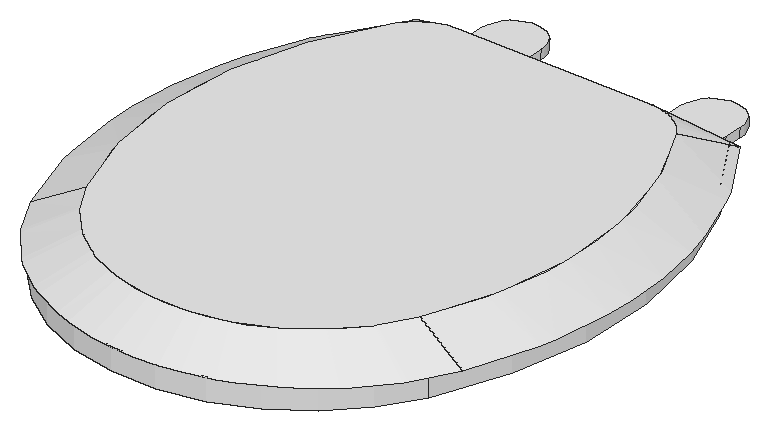
Revit family "Toilet_Seat-Round-American_Standard-Champion-5320B65CT_Series", category Specialty Equipment, Revit 2018
Family settings
  Round Connector Dimension = Use Diameter
  Part Type = Normal
  OmniClass Number = 23.45.05.21.14.11
  OmniClass Title = Water Closet Seats
  Work Plane-Based = Yes
  Always vertical = No
  Cut with Voids When Loaded = No
  Shared = Yes
  Room Calculation Point = No
Parameters (values of type "5320B65CT.020")
  Width = 14 5/16"  # constant formula
  URL = "http://www.americanstandard-us.com/"
  Product Page URL = "https://www.americanstandard-us.com/Round-Front-Toilet-Seats/Champion-Slow-Close-and-Easy-Lift-Off-Round-Front-Toilet-Seat/WHITE-5320B65CT020"
  Product Documentation Link = "https://americanstandard.box.com/shared/static/m71c3m84c4hlpok335s56h16rdin2ui3.pdf"
  Model = "5320B65CT.020"
  Material = "Plastic-American Standard-020-White"
  Manufacturer = "American Standard"
  Length = 16.81102"  # constant formula
  Installation Type = "Surface Mounted"
  Finish = Plastic-American Standard-020-White
  Description = "Champion® Slow-Close & Easy Lift-Off Round Front Toilet Seat"
  Default Elevation = 0"
  Creation Date = "08/04/2022"  # constant formula
  Assembly Code = "D2010110"
Types (4): name | Product Page URL | Model | Material | Finish
  (no name) | "https://www.americanstandard-us.com/Round-Front-Toilet-Seats/Champion-Slow-Close-and-Easy-Lift-Off-Round-Front-Toilet-Seat/WHITE-5320B65CT020" | "5320B65CT.020" | "Plastic-American Standard-020-White" | Plastic-American Standard-020-White
  5320B65CT.020 | "https://www.americanstandard-us.com/Round-Front-Toilet-Seats/Champion-Slow-Close-and-Easy-Lift-Off-Round-Front-Toilet-Seat/WHITE-5320B65CT020" | "5320B65CT.020" | "Plastic-American Standard-020-White" | Plastic-American Standard-020-White
  5320B65CT.222 | "https://www.americanstandard-us.com/Round-Front-Toilet-Seats/Champion-Slow-Close-and-Easy-Lift-Off-Round-Front-Toilet-Seat/LINEN-5320B65CT222" | "5320B65CT.222" | "Plastic-American Standard-222-Linen" | Plastic-American Standard-222-Linen
  5320B65CT.021 | "https://www.americanstandard-us.com/Round-Front-Toilet-Seats/Champion-Slow-Close-and-Easy-Lift-Off-Round-Front-Toilet-Seat/BONE-5320B65CT021" | "5320B65CT.021" | "Plastic-American Standard-021-Bone" | Plastic-American Standard-021-Bone
Reference planes (in)
  plane 1 "Center (Front/Back)": y = 0
  plane 2: z = 0
  plane 3 "Center (Left/Right)": x = 0
  plane 4: x = -2.75
  plane 5: x = 2.75
  plane 6: z = 1.625
  plane 7: x = -7.15625
  plane 8: x = 7.15625
  plane 9: y = -8.49909
  plane 10: y = 8.31193
  plane 11: y = 7.50091
  plane 12: x = -6.875
  plane 13: x = 6.875
Forms (in)
  Extrusion 1, solid, material "Plastic-American Standard-020-White" <- "Finish"
    sketch origin (56, 8.60759, 0.125) x (-1, 0, 0) y (0, -1, 0)
      loop
        arc (60.24649, 6.95359) -> (59.97694, 9.47122) -> (59.2259, 11.88928) r 13.03931
        arc (59.2259, 11.88928) -> (56, 14.03149) -> (52.7741, 11.88928) r 3.5
        arc (52.7741, 11.88928) -> (52.02306, 9.47122) -> (51.75351, 6.95359) r 13.03931
        arc (51.75351, 6.95359) -> (52.47733, 5.17063) -> (54.2534, 4.43005) r 2.5
        line (54.2534, 4.43005) -> (57.7466, 4.43005)
        arc (57.7466, 4.43005) -> (59.52267, 5.17063) -> (60.24649, 6.95359) r 2.5
      loop
        line (51.63245, 1.10392) -> (60.36755, 1.10392)
        arc (60.36755, 1.10392) -> (62.8085, 7.14777) -> (61.67515, 13.56664) r 11.82171
        arc (61.67515, 13.56664) -> (56, 17.11175) -> (50.32485, 13.56664) r 6.31505
        arc (50.32485, 13.56664) -> (49.1915, 7.14777) -> (51.63245, 1.10392) r 11.82171
    from -0.125 to 0.5
  Extrusion 2, solid, material "Plastic-American Standard-020-White" <- "Finish"
    sketch origin (0, 0.19685, 0) x (1, 0, 0) y (0, 1, 0)
      loop
        line (-3.6998, 8.49583) -> (-3.6998, 7.99007)
        arc (-3.6998, 7.99007) -> (-3.60659, 7.76505) -> (-3.38157, 7.67184) r 0.31823
        line (-3.38157, 7.67184) -> (-3.1998, 7.67184) -> (-3.1998, 7.30406) -> (3.1998, 7.30406) -> (3.1998, 7.67184) -> (3.38157, 7.67184)
        arc (3.38157, 7.67184) -> (3.60659, 7.76505) -> (3.6998, 7.99007) r 0.31823
        line (3.6998, 7.99007) -> (3.6998, 8.49583)
        arc (3.6998, 8.49583) -> (2.85901, 9.33662) -> (2.01821, 8.49583) r 0.8408
        line (2.01821, 8.49583) -> (2.01821, 7.83211) -> (-2.01821, 7.83211) -> (-2.01821, 8.49583)
        arc (-2.01821, 8.49583) -> (-2.85901, 9.33662) -> (-3.6998, 8.49583) r 0.8408
    from 0 to 0.25
  Blend 3, solid, material "Plastic-American Standard-020-White" <- "Finish"
    base sketch origin (0, 0, 0) x (1, 0, 0) y (0, 1, 0)
      loop
        line (4.6488, 7.50367) -> (-4.6488, 7.50367)
        arc (-4.6488, 7.50367) -> (-7.05365, 1.76553) -> (-6.21193, -4.39897) r 11.82171
        arc (-6.21193, -4.39897) -> (0, -8.50805) -> (6.21193, -4.39897) r 6.75
        arc (6.21193, -4.39897) -> (7.05365, 1.76553) -> (4.6488, 7.50367) r 11.82171
    top sketch origin (0, 0, 0) x (1, 0, 0) y (0, 1, 0)
      loop
        line (2.7846, 6.66692) -> (-2.7846, 6.66692)
        arc (-2.7846, 6.66692) -> (-3.50035, 6.48514) -> (-4.04262, 5.98385) r 1.5
        arc (-4.04262, 5.98385) -> (-5.7197, 0.99983) -> (-4.78803, -4.1756) r 10.57171
        arc (-4.78803, -4.1756) -> (0, -7.24909) -> (4.78803, -4.1756) r 5.26625
        arc (4.78803, -4.1756) -> (5.7197, 0.99983) -> (4.04262, 5.98385) r 10.57171
        arc (4.04262, 5.98385) -> (3.50035, 6.48514) -> (2.7846, 6.66692) r 1.5
    from 0.625 to 1.41827
Cuts and joins
  joined: Extrusion 1, Extrusion 2
Lines and regions (in)
  Masking region 1
    outline origin (0, 0, 0) x (1, 0, 0) y (0, 1, 0)
      loop
        arc (-6.21193, -4.39897) -> (0, -8.50805) -> (6.21193, -4.39897) r 6.75
        arc (6.21193, -4.39897) -> (7.05365, 1.76553) -> (4.6488, 7.50367) r 11.82171
        line (4.6488, 7.50367) -> (3.1998, 7.50367) -> (3.1998, 7.86869) -> (3.38157, 7.86869)
        arc (3.38157, 7.86869) -> (3.60659, 7.9619) -> (3.6998, 8.18692) r 0.31823
        line (3.6998, 8.18692) -> (3.6998, 8.69268)
        arc (3.6998, 8.69268) -> (2.85901, 9.53348) -> (2.01821, 8.69268) r 0.8408
        line (2.01821, 8.69268) -> (2.01821, 8.02896) -> (-2.01821, 8.02896) -> (-2.01821, 8.69268)
        arc (-2.01821, 8.69268) -> (-2.85901, 9.53348) -> (-3.6998, 8.69268) r 0.8408
        line (-3.6998, 8.69268) -> (-3.6998, 8.18692)
        arc (-3.6998, 8.18692) -> (-3.60659, 7.9619) -> (-3.38157, 7.86869) r 0.31823
        line (-3.38157, 7.86869) -> (-3.1998, 7.86869) -> (-3.1998, 7.50367) -> (-4.6488, 7.50367)
        arc (-4.6488, 7.50367) -> (-7.05365, 1.76553) -> (-6.21193, -4.39897) r 11.82171
  symbolic lines, detail levels medium+fine
    curve 1: line (4.36755, 7.50367, 0) -> (-4.36755, 7.50367, 0)
  symbolic lines, detail levels fine
    curve 2: line (2.7846, 6.66692, 0) -> (-2.7846, 6.66692, 0)
    curve 3: arc (-2.7846, 6.66692, 0) -> (-3.50035, 6.48514, 0) -> (-4.04262, 5.98385, 0) r 1.5
    curve 4: arc (-4.04262, 5.98385, 0) -> (-5.7197, 0.99983, 0) -> (-4.78803, -4.1756, 0) r 10.57171
    curve 5: arc (-4.78803, -4.1756, 0) -> (0, -7.24909, 0) -> (4.78803, -4.1756, 0) r 5.26625
    curve 6: arc (4.78803, -4.1756, 0) -> (5.7197, 0.99983, 0) -> (4.04262, 5.98385, 0) r 10.57171
    curve 7: arc (4.04262, 5.98385, 0) -> (3.50035, 6.48514, 0) -> (2.7846, 6.66692, 0) r 1.5
Dimensions and locks (in)
  locked: plane 2 to plane 6 at 1.625
  equal spacing: plane 7, plane 3 "Center (Left/Right)", plane 8
  "Width": plane 7 to plane 8
  "Length": plane 10 to plane 9
  plane 11 to plane 9 = 16"
  plane 12 to plane 13 = 13 3/4"
Automatic sketch dimensions
  plane 3 "Center (Left/Right)" to Blend 3 sketch curve = 0"
  Blend 3 sketch curve to plane 3 "Center (Left/Right)" = 2.7846"
  Blend 3 sketch curve to Blend 3 sketch curve = 1.25802"  (x2)
  Blend 3 sketch curve to Blend 3 sketch curve = 0"  (x5)
  Blend 3 sketch curve to plane 1 "Center (Front/Back)" = 0.22625"  (x4)
  plane 3 "Center (Left/Right)" to Blend 3 sketch curve = 2.7846"
  Blend 3 sketch curve to plane 3 "Center (Left/Right)" = 4.82367"
  plane 1 "Center (Front/Back)" to Blend 3 sketch curve = 1.98284"
  Blend 3 sketch curve to plane 1 "Center (Front/Back)" = 5.16692"
  Extrusion 2 sketch curve to plane 11 = 0"
  Extrusion 2 sketch curve to plane 10 = 1/8"  (x2)
  plane 7 to Extrusion 2 sketch curve = 3.45645"
  Extrusion 2 sketch curve to Extrusion 2 sketch curve = 0.31823"
  Extrusion 2 sketch curve to Extrusion 2 sketch curve = 0.18177"
  plane 10 to Extrusion 2 sketch curve = 0.38075"  (x2)
  Extrusion 2 sketch curve to Extrusion 2 sketch curve = 0.8408"  (x2)
  Extrusion 2 sketch curve to plane 10 = 0.28297"
  plane 3 "Center (Left/Right)" to Extrusion 2 sketch curve = 2.01821"
  plane 11 to Extrusion 2 sketch curve = 0.36778"
  Extrusion 2 sketch curve to Extrusion 2 sketch curve = 1/2"
  plane 7 to Blend 3 sketch curve = 2.50745"
  plane 8 to Blend 3 sketch curve = 2.50745"
  Blend 3 sketch curve to plane 3 "Center (Left/Right)" = 0"
  plane 7 to Blend 3 sketch curve = 2.48883"
  plane 8 to Blend 3 sketch curve = 2.48883"
  plane 1 "Center (Front/Back)" to Blend 3 sketch curve = 1.75805"
  plane 11 to Blend 3 sketch curve = 0.00276"
  Extrusion 1 sketch curve to plane 3 "Center (Left/Right)" = 0"  (x2)
  plane 5 to Extrusion 1 sketch curve = 1.0034"
  plane 11 to Extrusion 1 sketch curve = 0.00276"
  Extrusion 1 sketch curve to plane 5 = 1.61755"
  Extrusion 1 sketch curve to plane 1 "Center (Front/Back)" = 0.22625"  (x2)
  Extrusion 1 sketch curve to plane 13 = 1.92633"
  Extrusion 1 sketch curve to plane 8 = 1.63599"
  plane 4 to Extrusion 1 sketch curve = 1.0034"
  Extrusion 1 sketch curve to plane 4 = 1.61755"
  plane 12 to Extrusion 1 sketch curve = 1.92633"
  Extrusion 1 sketch curve to plane 7 = 1.63599"
  Extrusion 1 sketch curve to plane 11 = 3.32337"
  Extrusion 1 sketch curve to plane 1 "Center (Front/Back)" = 1.77677"  (x2)
  Extrusion 1 sketch curve to plane 1 "Center (Front/Back)" = 1.67754"  (x2)
  plane 1 "Center (Front/Back)" to Extrusion 1 sketch curve = 1.9239"
  Extrusion 1 sketch curve to Extrusion 1 sketch curve = 0.26521"
  Extrusion 1 sketch curve to plane 5 = 0.4759"
  Extrusion 1 sketch curve to Extrusion 1 sketch curve = 0"  (x3)
  Masking region 1 sketch curve to plane 3 "Center (Left/Right)" = 0"
  Masking region 1 sketch curve to plane 1 "Center (Front/Back)" = 0.22625"  (x2)
  plane 8 to Masking region 1 sketch curve = 2.48883"
  plane 1 "Center (Front/Back)" to Masking region 1 sketch curve = 1.75805"
  plane 11 to Masking region 1 sketch curve = 0.00276"  (x2)
  plane 7 to Masking region 1 sketch curve = 2.50745"
  Masking region 1 sketch curve to Masking region 1 sketch curve = 0"
  plane 8 to Masking region 1 sketch curve = 0.94432"
  plane 8 to Masking region 1 sketch curve = 2.50745"
  Masking region 1 sketch curve to plane 10 = 0.28297"
  Masking region 1 sketch curve to plane 3 "Center (Left/Right)" = 2.01821"
  plane 3 "Center (Left/Right)" to Masking region 1 sketch curve = 2.01821"
  plane 10 to Masking region 1 sketch curve = 0.38075"  (x2)
  Masking region 1 sketch curve to Masking region 1 sketch curve = 0.8408"  (x2)
  Masking region 1 sketch curve to plane 10 = 1/8"  (x2)
  Masking region 1 sketch curve to Masking region 1 sketch curve = 0.31823"  (x2)
  Masking region 1 sketch curve to Masking region 1 sketch curve = 0.18177"  (x2)
  curve 5 to plane 3 "Center (Left/Right)" = 0"
  curve 2 to plane 11 = 0.83399"
  curve 2 to plane 3 "Center (Left/Right)" = 2.7846"
  curve 6 to plane 1 "Center (Front/Back)" = 0.22625"
  plane 7 to curve 6 = 2.33258"
  plane 3 "Center (Left/Right)" to curve 7 = 2.7846"
  curve 4 to plane 1 "Center (Front/Back)" = 0.22625"
  plane 8 to curve 4 = 2.33258"
  plane 1 "Center (Front/Back)" to curve 5 = 1.98284"
  curve 3 to curve 3 = 1 1/2"
  curve 7 to curve 7 = 1 1/2"
  curve 4 to curve 3 = 0"
  plane 11 to curve 1 = 0.00276"
  curve 1 to curve 3 = 0.32493"
  curve 5 to curve 4 = 0"
  curve 6 to curve 7 = 0"
  curve 7 to curve 1 = 0.32493"
